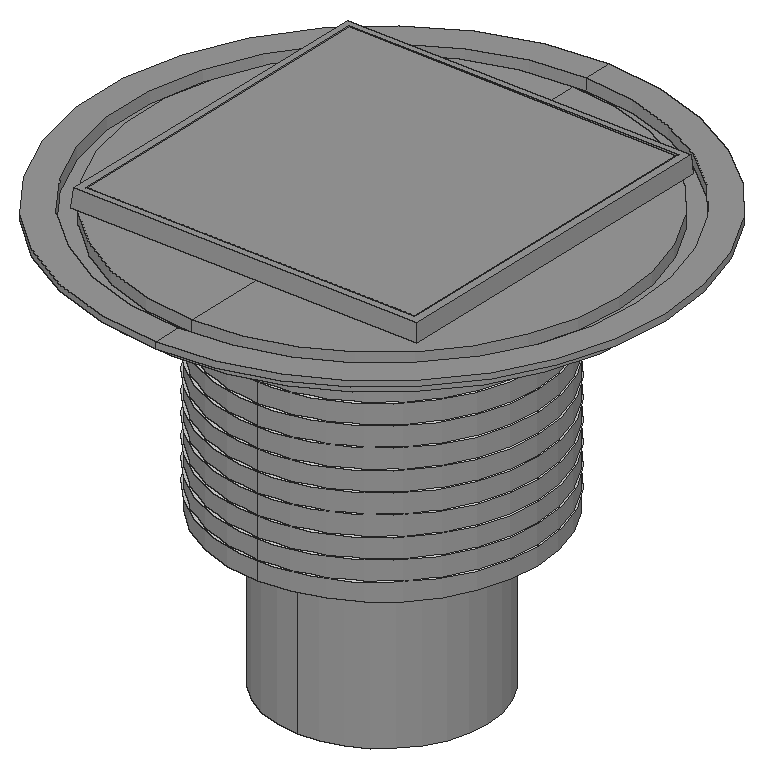
Revit family "_02HL_RU_Floor drain_HL310Prblue-3000", category Instalační zařizovací předměty, Revit 2021
Family settings
  Kóta kulaté spojky = Použít průměr
  Typ dílu = Normální
  Číslo OmniClass = 23.70.50.21.24.14
  Nadpis OmniClass = Deck Waste Water Drains
  Založené na pracovní rovině = Ne
  Vždy vertikální = Ano
  Ořezat dutým tvarem při načtení = Ne
  Sdílené = Ano
  Bod výpočtu místnosti = Ano
Parameters (values of type "HL310Prblue-3000")
  РЕШЁТКА = "115 x 115 mm / V2A"
  РАЗМЕР = "DN50/75/110"
  ПРОПУСКНАЯ СПОСОБНОСТЬ [instance] = 0.0 L/s
  ПРОИЗВОДИТЕЛЬНОСТЬ = "0,5 l/s"
  ПРАВОВАЯ ИНФОРМАЦИЯ = "Авторские права(©), права на дизайн или какие либо другие права интелектуальной собственности являются исключительной собственностью компании HL Hutterer & Lechner. Изменению не подлежит. Файл семейства с данными о прозводителе изделия защищен паролем с водяным знаком."  # constant formula
  Нормы = "EN 1253-8"
  НОМИНАЛЬНЫЙ ДИАМЕТР = 75 mm
  НАСАДКА = "10-80 mm / 121 x 121 mm / PP"
  МАТЕРИАЛ = "PP, ABS, V2A"
  МАКСИМАЛЬНАЯ НАГРУЗКА КЛАССА = "K3 - 300 kg"
  ВЫСОТА МОНТАЖА = "161 mm"
  ВЕС = "0,74 [kg]"
  Výrobce = "HL Hutterer & Lechner GmbH"  # constant formula
  EAN = "9003076052004"
  Výchozí výška = 0 mm
  URL = "https://www.hutterer-lechner.com/ru/products/catalog/Floor-drains/vertical/flange/HL310Prblue-3000.aspx"
  Tile Material [instance] = none
  Přípoj ventilace = no
  Přípoj odpadních dílů = yes
  Přípoj HW = no
  Přípoj CW = no
  Popis = "Трап для внутренних помещений"
  Model = "HL310Prblue-3000"
  Assembly Code = " "
  Komentáře k typům = "Трап для внутренних помещений DN50/75/110 вертикальный с запахозапирающим устройством Primus blue, 121х121мм KLICK-KLACK/115х115мм."
  Keynote = "HL310Prblue-3000"
  IH [instance] = Высота монтажа 1 + Высота монтажа 2  # 10 mm
  Высота монтажа 2 [instance] = 0 mm
  Высота монтажа 1 [instance] = 10 mm
  G [instance] = 180.00°  # constant formula
  D [instance] = if(НОМИНАЛЬНЫЙ ДИАМЕТР = 110 mm, IH - 5 mm, IH + 51 mm)  # 61 mm
  C [instance] = if(IH - 68 mm < 0 mm, 0 mm, IH - 68 mm)  # 0 mm
  B [instance] = 100 mm
  A [instance] = if(B - 100 mm > 15 mm, B - 100 mm, 15 mm)  # 15 mm
Reference planes
  plane 1 "Center (Front/Back)": y = 0
  plane 2: z = 0
  plane 3 "Center (Left/Right)": x = 0
  plane 4: z = -100
  plane 5: z = -10
  plane 6: z = -10
Lines and regions (mm)
  model lines, style "InvisibleLines"
    curve 1: line (0, 0, 0) -> (0, 0, 20)
  model lines, style "PlumbingFixtures", detail levels coarse+medium
    curve 2: line (0, 0, -100) -> (0, 0, -85)
    curve 3: line (0, 0, -85) -> (-85, 0, 0)
    curve 4: line (0, 0, -85) -> (85, 0, 0)
    curve 6: line (0, 0, -100) -> (0, 0, -161)
  reference lines, not visible
    curve 5: line (0, 0, -100) -> (0, 0, -161)
  symbolic lines, style "PlumbingFixtures", detail levels coarse+medium
    curve 7: line (-75, 75, 0) -> (75, 75, 0)
    curve 8: line (-75, -75, 0) -> (-75, 75, 0)
    curve 9: line (75, -75, 0) -> (-75, -75, 0)
    curve 10: line (75, 75, 0) -> (75, -75, 0)
    curve 11: line (-75, 75, 0) -> (-145.711, 145.711, 0)
    curve 12: line (75, 75, 0) -> (145.711, 145.711, 0)
    curve 13: line (-75, -75, 0) -> (-145.711, -145.711, 0)
    curve 14: line (75, -75, 0) -> (145.711, -145.711, 0)
  symbolic lines, style "PlumbingFixtures", not visible, detail levels coarse+medium
    curve 15: line (-75, 75, 0) -> (75, 75, 0)
    curve 16: line (-75, -75, 0) -> (-75, 75, 0)
    curve 17: line (75, -75, 0) -> (-75, -75, 0)
    curve 18: line (75, 75, 0) -> (75, -75, 0)
    curve 19: line (-75, 75, 0) -> (-145.711, 145.711, 0)
    curve 20: line (75, 75, 0) -> (145.711, 145.711, 0)
    curve 21: line (-75, -75, 0) -> (-145.711, -145.711, 0)
    curve 22: line (75, -75, 0) -> (145.711, -145.711, 0)
Text (mm)
  text "FLOOR" at (-162.344, 0, -10.979), in view "вид строительства"
Dimensions and locks
  "B": plane 2 to plane 4
  "IH": plane 2 to plane 5
  "A": curve 4 to plane 4
  "D": curve 5 to curve 5
  "D": curve 6 to curve 6
  "Высота монтажа 1": plane 2 to plane 6
  plane 2 to nested 4 = 8 mm
  locked: curve 4 to plane 3 "Center (Left/Right)" (angle 45.00°)
  locked: plane 3 "Center (Left/Right)" to curve 3 (angle 45.00°)
  "G": angle curve 5 to plane 3 "Center (Left/Right)"
  aligned and locked: level to plane 2
  aligned and locked: plane 2 to curve 4
  aligned and locked: plane 2 to curve 3
  aligned and locked: plane 4 to curve 5
  aligned and locked: plane 3 "Center (Left/Right)" to curve 5
  aligned and locked: plane 4 to curve 2
  aligned and locked: plane 3 "Center (Left/Right)" to curve 6
  aligned and locked: plane 4 to curve 6
  aligned and locked: plane 3 "Center (Left/Right)" to nested 1
  aligned and locked: plane 1 "Center (Front/Back)" to nested 1
  aligned and locked: plane 3 "Center (Left/Right)" to nested 2
  aligned and locked: plane 1 "Center (Front/Back)" to nested 2
  aligned and locked: plane 1 "Center (Front/Back)" to nested 3
  aligned and locked: plane 3 "Center (Left/Right)" to nested 3
  aligned and locked: plane 1 "Center (Front/Back)" to nested 4
  aligned and locked: plane 3 "Center (Left/Right)" to nested 4
  aligned and locked: plane 5 to nested 1
Automatic sketch dimensions
  curve 2 to plane 3 "Center (Left/Right)" = 0 mm
  curve 1 to plane 3 "Center (Left/Right)" = 0 mm
  curve 1 to level = 0 mm
  level to curve 1 = 20 mm
Nested families
  nested 1: "HL-Корпус для трапа внутренних помещений-HL310K" at (0, 0, -10), type "HL310K_Main Component"
  nested 2: "HL-Насадка-HL3200" at (0, 0, 0), type "HL3200_Main Component"
    with Высота монтажа 80 mm, RN 13, RL 84.5 mm, R yes, NL_Test yes, NL 100 mm
  nested 3: "HL_Решётка_HL037Pr.1E" at (0, 0, 0), type "HL037Pr.1E_Main Component"
  nested 4: "HL-Вкладыш сифона-HL0510.12EKK" at (0, 0, -8), type "HL0510.12EKK"
Connectors
  piping at (0, 0, -161), diameter 75, driven by "ПРОПУСКНАЯ СПОСОБНОСТЬ", driven by "НОМИНАЛЬНЫЙ ДИАМЕТР"
    settings: on curve 5, index 1, connector inside diameter 609.6 mm, connector length 0 mm, flow factor 0, pipe flow 0.0 L/s, pressure drop 0.0 Pa, fitting loss kfactor 0, connector angle 0.00°, fixture units 0, engagement length 0 mm, angle of deflection 0.00°, flow configuration 1, flow direction 2, fitting loss method 0, system type 16, joint type 0, gender type 0, connector reference index -1, connector utility 0, adjustable connector yes, is connector primary yes, connector description ""
Definition of nested family "HL-Корпус для трапа внутренних помещений-HL310K"
  Parameters (values of type "HL310K")
    РАЗМЕР = "DN50/75/110"
    ПРАВОВАЯ ИНФОРМАЦИЯ = "Авторские права(©), права на дизайн или какие либо другие права интелектуальной собственности являются исключительной собственностью компании HL Hutterer & Lechner. Изменению не подлежит. Файл семейства с данными о прозводителе изделия защищен паролем с водяным знаком."  # constant formula
    МАТЕРИАЛ = "PP"
    ВЫСОТА МОНТАЖА = "148 mm"
    ВЕС = "0,173 [kg]"
    Waste Connection = yes
    Default Elevation = 0 mm
    Vent Connection = no
    Manufacturer = "HL Hutterer & Lechner GmbH"  # constant formula
    URL = "https://www.hutterer-lechner.com/ru/products/catalog/Floor-drains/vertical/flange/HL310K.aspx"
    Assembly Code = ""
    HW Connection = no
    Description = "Трап для внутренних помещений"
    Model = "HL310K"
    Type Comments = "Корпус трапа для внутренних помещений DN50/75/110 вертикальный"
    Keynote = "HL310K"
    EAN = "9003076001781"
    CW Connection = no
  Reference planes
    plane 1 "Center (Front/Back)": y = 0
    plane 2: z = 0
    plane 3 "Center (Left/Right)": x = 0
    plane 4 "Ball Joint Vertical": x = 25.45
  Forms (mm)
    Revolve 1, solid, detail levels fine
      sketch origin (0, 0, 0) x (0, 1, 0) y (0, 0, 1)
        loop
          line (55.057, 0) -> (55.057, -20) -> (52.707, -20) -> (52.707, -92.996) -> (22.706, -92.996) -> (22.706, -95.159) -> (22.706, -151) -> (24.707, -151) -> (24.707, -95.159) -> (35.206, -95.159) -> (35.206, -151) -> (37.207, -151) -> (37.207, -95) -> (54.705, -95) -> (54.705, -24) -> (58.059, -24) -> (58.059, -7.5) -> (92.707, -7.5) -> (92.707, -2) -> (99.706, -2) -> (99.706, 0) -> (89.707, 0) -> (89.707, -4) -> (83.707, -4) -> (83.707, 0) -> (55.057, 0)
        axis (0, 0) -> (0, -151)
      angle from 0 to 360
  Text (mm)
    text "ROOF/FLOOR" at (-198.233, 0, -26.556), in view "вид строительства"
  Dimensions and locks
    locked: plane 4 "Ball Joint Vertical" to plane 3 "Center (Left/Right)" at 25.45
    aligned and locked: level to plane 2
Definition of nested family "HL-Насадка-HL3200"
  Parameters (values of type "HL3200")
    РАЗМЕР = "d 110 mm"
    ПРАВОВАЯ ИНФОРМАЦИЯ = "Авторские права(©), права на дизайн или какие либо другие права интелектуальной собственности являются исключительной собственностью компании HL Hutterer & Lechner. Изменению не подлежит. Файл семейства с данными о прозводителе изделия защищен паролем с водяным знаком."  # constant formula
    НАСАДКА = "121 x 121 mm"
    МАТЕРИАЛ = "PP-V2A"
    Высота монтажа [instance] = 80 mm
    ВЫСОТА МОНТАЖА = "10 - 80 mm"
    ВЕС = "0,13 [kg]"
    Waste Connection = yes
    Default Elevation = 0 mm
    Vent Connection = no
    RD = 6.5 mm  # constant formula
    R [instance] = ((Высота монтажа - NL_Min) / RD - 1) > 2  # yes
    RL [instance] = if(Высота монтажа < 26 mm, 1 mm, RD * RN)  # 84.5 mm
    NL_Test [instance] = and(or(Высота монтажа < NL_Max, Высота монтажа = NL_Max), or(Высота монтажа > NL_Min, Высота монтажа = NL_Min))  # yes
    NL_Min = 10 mm
    NL_Max = 80 mm
    NL [instance] = if(NL_Test, Высота монтажа + 20 mm, 0 mm)  # 100 mm
    RN [instance] = if((Высота монтажа + 20 mm - NL_Min) / RD - 1 < 2, 2, (Высота монтажа + 20 mm - NL_Min) / RD - 1)  # 13
    Manufacturer = "HL Hutterer & Lechner GmbH"  # constant formula
    URL = "http://www.hutterer-lechner.com/ru/Products/catalog/floor-drains/attachments/HL3200.aspx"
    HW Connection = no
    Description = "Трапы для внутренних помещений - Комплектующие"
    Model = "HL3200"
    Type Comments = "HL3200 Насадные подрамники d 110/подрамники из нержавеющей стали (V2A) 121х121мм с О-кольцом. Система \"KLICK-KLACK\""
    Keynote = "HL3200"
    EAN = "9003076015399"
    CW Connection = no
  Reference planes
    plane 1 "Center (Front/Back)": y = 0
    plane 2: z = 0
    plane 3 "Center (Left/Right)": x = 0
    plane 4 "Ball Joint Vertical": x = 25.45
    plane 5: z = -100
  Forms (mm)
    Sweep 1, solid, detail levels fine
      path origin (0, 0, 0) x (1, 0, 0) y (0, 1, 0)
        loop
          line (-60.806, 60.806) -> (-60.806, -60.806) -> (60.806, -60.806) -> (60.806, 60.806) -> (-60.806, 60.806)
      profile origin (0, 60.806, 0) x (0, 1, 0) y (0, 0, 1)
        loop
          line (-2.806, 0) -> (-2.806, -5.3) -> (-6.306, -5.3) -> (-6.306, -8.3) -> (-9.767, -8.3) -> (-9.767, -21.997) -> (-5.806, -21.997) -> (-5.806, -6) -> (0, -6) -> (-0.525, 0) -> (-2.806, 0)
    Extrusion 2, solid, detail levels fine
      sketch origin (0, 0, 0) x (1, 0, 0) y (0, 1, 0)
        loop
          circle (0, 0) r 50
        loop
          line (-51.039, 51.039) -> (-51.039, -51.039) -> (51.039, -51.039) -> (51.039, 51.039) -> (-51.039, 51.039)
      from -19 to -21.997
    Revolve 3, solid, detail levels fine
      sketch origin (0, 0, 0) x (1, 0, 0) y (0, 0, 1)
        loop
          line (50, -21.997) -> (50, -100) -> (51.861, -100) -> (51.861, -21.997) -> (50, -21.997)
        axis (0, -21.997) -> (0, -100)
      angle from 0 to 360
  Lines and regions (mm)
    symbolic lines
      curve 1: line (0, 0, -100) -> (0, 0, 0)
    model lines
      curve 2: line (0, 0, 0) -> (0, 0, 100)
  Text (mm)
    text "ROOF/FLOOR" at (-198.233, 0, -26.556), in view "Drain Construction View"
  Dimensions and locks
    locked: plane 4 "Ball Joint Vertical" to plane 3 "Center (Left/Right)" at 25.45
    "NL": plane 2 to plane 5
    equal spacing: group 1, group 3, group 4, group 5, group 6, group 7, group 8, group 9, group 10, group 11, group 12, group 13, group 2  (x3)
    "RL": nested 2 to nested 1
    locked: nested 1 to plane 5 at 1.516
    aligned and locked: level to plane 2
    aligned and locked: plane 3 "Center (Left/Right)" to nested 1
    aligned and locked: plane 1 "Center (Front/Back)" to nested 1
    aligned and locked: plane 2 to curve 1
    aligned and locked: plane 5 to curve 1
    aligned and locked: Sweep 1 to Revolve 3 sketch curve
    aligned and locked: plane 5 to Revolve 3 sketch curve
  Automatic sketch dimensions
    Sweep 1 sketch curve to plane 3 "Center (Left/Right)" = 60.806 mm
    plane 4 "Ball Joint Vertical" to Sweep 1 sketch curve = 35.356 mm
    plane 1 "Center (Front/Back)" to Sweep 1 sketch curve = 60.806 mm
    Sweep 1 sketch curve to plane 1 "Center (Front/Back)" = 60.806 mm
    Sweep 1 sketch curve to profile plane = 0 mm  (x2)
    profile plane to Sweep 1 sketch curve = 0.525 mm
    Sweep 1 sketch curve to Sweep 1 sketch curve = 2.281 mm
    Sweep 1 sketch curve to Sweep 1 sketch curve = 3 mm  (x2)
    Sweep 1 sketch curve to Sweep 1 sketch curve = 0.5 mm
    Sweep 1 sketch curve to Sweep 1 sketch curve = 3.461 mm
    Sweep 1 sketch curve to profile plane = 5.3 mm
    Sweep 1 sketch curve to Sweep 1 sketch curve = 0.7 mm
    Sweep 1 sketch curve to Sweep 1 sketch curve = 13.697 mm
    plane 1 "Center (Front/Back)" to Extrusion 2 sketch curve = 0 mm
    Extrusion 2 sketch curve to plane 3 "Center (Left/Right)" = 0 mm
    Extrusion 2 sketch curve to plane 3 "Center (Left/Right)" = 51.039 mm
    plane 4 "Ball Joint Vertical" to Extrusion 2 sketch curve = 25.589 mm
    plane 1 "Center (Front/Back)" to Extrusion 2 sketch curve = 51.039 mm
    Extrusion 2 sketch curve to plane 1 "Center (Front/Back)" = 51.039 mm
    Revolve 3 sketch curve to plane 3 "Center (Left/Right)" = 0 mm
    plane 4 "Ball Joint Vertical" to Revolve 3 sketch curve = 24.55 mm
    Revolve 3 sketch curve to Revolve 3 sketch curve = 1.861 mm
    Revolve 3 sketch curve to level = 13.456 mm
    level to Revolve 3 sketch curve = 16.544 mm
    curve 2 to plane 3 "Center (Left/Right)" = 0 mm
    level to curve 2 = 100 mm
    radius of Extrusion 2 sketch curve = 50 mm
  Nested families
    nested 1: "Ring" at (0, 0, -98.484), visible <- "R", type "Ring"
    nested 2: "Ring" at (0, 0, -13.984), visible <- "R", type "Ring"
    nested 3: "Ring" at (0, 0, -91.442), visible <- "R", type "Ring"
    nested 4: "Ring" at (0, 0, -84.401), visible <- "R", type "Ring"
    nested 5: "Ring" at (0, 0, -77.359), visible <- "R", type "Ring"
    nested 6: "Ring" at (0, 0, -70.317), visible <- "R", type "Ring"
    nested 7: "Ring" at (0, 0, -63.276), visible <- "R", type "Ring"
    nested 8: "Ring" at (0, 0, -56.234), visible <- "R", type "Ring"
    nested 9: "Ring" at (0, 0, -49.192), visible <- "R", type "Ring"
    nested 10: "Ring" at (0, 0, -42.151), visible <- "R", type "Ring"
    nested 11: "Ring" at (0, 0, -35.109), visible <- "R", type "Ring"
    nested 12: "Ring" at (0, 0, -28.067), visible <- "R", type "Ring"
    nested 13: "Ring" at (0, 0, -21.026), visible <- "R", type "Ring"
  Definition of nested family "Ring"
    Parameters (values of type "Ring")
      Manufacturer = ""
      Default Elevation = 0 mm
      URL = ""
      R = D / 2  # 51.5 mm
      Description = ""
      Model = ""
      Material = none
      Type Comments = ""
      D = 103 mm
      Cost = 0
    Reference planes
      plane 1 "Střed (vpředu/vzadu)": y = 0
      plane 2: z = 0
      plane 3 "Střed (vlevo/vpravo)": x = 0
    Forms (mm)
      Revolve 1, solid, material <- "Material", detail levels fine
        sketch origin (0, 0, 0) x (1, 0, 0) y (0, 0, 1)
          loop
            line (-51.5, 1.482) -> (-54.764, 0) -> (-51.5, -1.516) -> (-51.5, 1.482)
          axis (0, 1.482) -> (0, -1.516)
        angle from 0 to 360
    Dimensions and locks
      "R": Revolve 1 sketch curve to plane 3 "Střed (vlevo/vpravo)"
      aligned and locked: level to plane 2
      aligned and locked: Revolve 1 sketch curve to plane 3 "Střed (vlevo/vpravo)"
    Automatic sketch dimensions
      Revolve 1 sketch curve to level = 0 mm
      Revolve 1 sketch curve to Revolve 1 sketch curve = 3.264 mm
      Revolve 1 sketch curve to level = 1.516 mm
      level to Revolve 1 sketch curve = 1.482 mm
      Revolve 1 sketch curve to level = 381 mm
      Revolve 1 sketch curve to Revolve 1 sketch curve = 2212.833 mm
Definition of nested family "HL_Решётка_HL037Pr.1E"
  Parameters (values of type "HL037Pr.1E")
    РАЗМЕР = "115x115mm"
    ПРАВОВАЯ ИНФОРМАЦИЯ = "Авторские права(©), права на дизайн или какие либо другие права интелектуальной собственности являются исключительной собственностью компании HL Hutterer & Lechner. Изменению не подлежит. Файл семейства с данными о прозводителе изделия защищен паролем с водяным знаком."  # constant formula
    МАТЕРИАЛ = "V2A"
    МАКСИМАЛЬНАЯ НАГРУЗКА КЛАССА = "K3 - 300 kg"
    ВЕС = "0,15 [kg]"
    Waste Connection = yes
    Default Elevation = 0 mm
    Vent Connection = no
    Manufacturer = "HL Hutterer & Lechner GmbH"  # constant formula
    URL = "http://www.hutterer-lechner.com/ru/products/catalog/floor-drains/attachments/HL037pr.1e.aspx"
    HW Connection = no
    Description = "Трапы для внутренних помещений - Комплектующие"
    Model = "HL037Pr.1E"
    Type Comments = "HL037Pr.1E Решётка из нержавеющей стали 115х115 мм"
    Keynote = "HL037Pr.1E"
    EAN = "9003076028474"
    CW Connection = no
  Reference planes
    plane 1 "Center (Front/Back)": y = 0
    plane 2: z = 0
    plane 3 "Center (Left/Right)": x = 0
    plane 4 "Ball Joint Vertical": x = 25.45
  Forms (mm)
    Extrusion 1, solid, detail levels fine
      sketch origin (0, 0, 0) x (1, 0, 0) y (0, 1, 0)
        loop
          line (57.5, 57.5) -> (-57.5, 57.5) -> (-57.5, -57.5) -> (57.5, -57.5) -> (57.5, 57.5)
      from 0 to -5
  Lines and regions (mm)
    model lines, detail levels fine
      curve 1: spline (-13.927, 0, 0) -> (-13.452, 1.165, 0) -> (-12.061, 2.25, 0) -> (-9.848, 3.182, 0) -> (-6.964, 3.897, 0) -> (-3.605, 4.347, 0) -> (0, 4.5, 0) -> (3.605, 4.347, 0) -> (6.964, 3.897, 0) -> (9.848, 3.182, 0) -> (12.061, 2.25, 0) -> (13.452, 1.165, 0) -> (13.927, 0, 0) -> (13.452, -1.165, 0) -> (12.061, -2.25, 0) -> (9.848, -3.182, 0) -> (6.964, -3.897, 0) -> (3.605, -4.347, 0) -> (0, -4.5, 0) -> (-3.605, -4.347, 0) -> (-6.964, -3.897, 0) -> (-9.848, -3.182, 0) -> (-12.061, -2.25, 0) -> (-13.452, -1.165, 0) -> (-13.927, 0, 0)
      curve 2: line (-5.9, 0.4, 0) -> (-11.9, 0.4, 0)
      curve 3: line (-3.65, -2, 0) -> (-3.65, 2, 0)
      curve 4: arc (-3.65, 2, 0) -> (-3.15, 2.5, 0) -> (-2.65, 2, 0) r 0.5
      curve 5: line (-2.65, 2, 0) -> (-2.65, 0.5, 0)
      curve 6: line (-2.65, 0.5, 0) -> (-0.65, 0.5, 0)
      curve 7: line (-0.65, 0.5, 0) -> (-0.65, 2, 0)
      curve 8: arc (-0.65, 2, 0) -> (-0.15, 2.5, 0) -> (0.35, 2, 0) r 0.5
      curve 9: line (0.35, 2, 0) -> (0.35, -2, 0)
      curve 10: arc (0.35, -2, 0) -> (-0.15, -2.5, 0) -> (-0.65, -2, 0) r 0.5
      curve 11: line (-0.65, -2, 0) -> (-0.65, -0.5, 0)
      curve 12: line (-0.65, -0.5, 0) -> (-2.65, -0.5, 0)
      curve 13: line (-2.65, -0.5, 0) -> (-2.65, -2, 0)
      curve 14: arc (-2.65, -2, 0) -> (-3.15, -2.5, 0) -> (-3.65, -2, 0) r 0.5
      curve 15: line (1.85, -2, 0) -> (1.85, 2, 0)
      curve 16: arc (1.85, 2, 0) -> (1.996, 2.354, 0) -> (2.35, 2.5, 0) r 0.5
      curve 17: arc (2.35, 2.5, 0) -> (2.704, 2.354, 0) -> (2.85, 2, 0) r 0.5
      curve 18: line (2.85, 2, 0) -> (2.85, -1, 0)
      curve 19: arc (2.85, -1, 0) -> (2.996, -1.354, 0) -> (3.35, -1.5, 0) r 0.5
      curve 20: line (3.35, -1.5, 0) -> (4.35, -1.5, 0)
      curve 21: arc (4.35, -1.5, 0) -> (4.85, -2, 0) -> (4.35, -2.5, 0) r 0.5
      curve 22: line (4.35, -2.5, 0) -> (2.35, -2.5, 0)
      curve 23: arc (2.35, -2.5, 0) -> (1.996, -2.354, 0) -> (1.85, -2, 0) r 0.5
      curve 24: line (12.1, 0.4, 0) -> (6.1, 0.4, 0)
      curve 25: line (-5.9, -0.4, 0) -> (-11.9, -0.4, 0)
      curve 26: line (12.1, -0.4, 0) -> (6.1, -0.4, 0)
      curve 27: line (-5.9, 0.4, 0) -> (-5.9, -0.4, 0)
      curve 28: line (-11.9, 0.4, 0) -> (-11.9, -0.4, 0)
      curve 29: line (6.1, 0.4, 0) -> (6.1, -0.4, 0)
      curve 30: line (12.1, 0.4, 0) -> (12.1, -0.4, 0)
      curve 31: arc (38.029, -24.059, 0) -> (45, 0, 0) -> (38.029, 24.059, 0) r 45
      curve 32: arc (38.029, 24.059, 0) -> (35.09, 25.896, 0) -> (31.82, 24.749, 0) r 4
      curve 33: arc (31.82, 24.749, 0) -> (30.673, 22.362, 0) -> (31.268, 19.782, 0) r 4
      curve 34: arc (31.268, 19.782, 0) -> (37, 0, 0) -> (31.268, -19.782, 0) r 37
      curve 35: arc (31.268, -19.782, 0) -> (30.673, -22.362, 0) -> (31.82, -24.749, 0) r 4
      curve 36: arc (31.82, -24.749, 0) -> (35.09, -25.896, 0) -> (38.029, -24.059, 0) r 4
      curve 37: arc (24.059, 38.029, 0) -> (0, 45, 0) -> (-24.059, 38.029, 0) r 45
      curve 38: arc (-24.059, 38.029, 0) -> (-25.896, 35.09, 0) -> (-24.749, 31.82, 0) r 4
      curve 39: arc (-24.749, 31.82, 0) -> (-22.362, 30.673, 0) -> (-19.782, 31.268, 0) r 4
      curve 40: arc (-19.782, 31.268, 0) -> (0, 37, 0) -> (19.782, 31.268, 0) r 37
      curve 41: arc (19.782, 31.268, 0) -> (22.362, 30.673, 0) -> (24.749, 31.82, 0) r 4
      curve 42: arc (24.749, 31.82, 0) -> (25.896, 35.09, 0) -> (24.059, 38.029, 0) r 4
      curve 43: arc (24.059, -38.029, 0) -> (0, -45, 0) -> (-24.059, -38.029, 0) r 45
      curve 44: arc (-24.059, -38.029, 0) -> (-25.896, -35.09, 0) -> (-24.749, -31.82, 0) r 4
      curve 45: arc (-24.749, -31.82, 0) -> (-22.362, -30.673, 0) -> (-19.782, -31.268, 0) r 4
      curve 46: arc (-19.782, -31.268, 0) -> (0, -37, 0) -> (19.782, -31.268, 0) r 37
      curve 47: arc (19.782, -31.268, 0) -> (22.362, -30.673, 0) -> (24.749, -31.82, 0) r 4
      curve 48: arc (24.749, -31.82, 0) -> (25.896, -35.09, 0) -> (24.059, -38.029, 0) r 4
      curve 49: arc (-38.029, -24.059, 0) -> (-45, 0, 0) -> (-38.029, 24.059, 0) r 45
      curve 50: arc (-38.029, 24.059, 0) -> (-35.09, 25.896, 0) -> (-31.82, 24.749, 0) r 4
      curve 51: arc (-31.82, 24.749, 0) -> (-30.673, 22.362, 0) -> (-31.268, 19.782, 0) r 4
      curve 52: arc (-31.268, 19.782, 0) -> (-37, 0, 0) -> (-31.268, -19.782, 0) r 37
      curve 53: arc (-31.268, -19.782, 0) -> (-30.673, -22.362, 0) -> (-31.82, -24.749, 0) r 4
      curve 54: arc (-31.82, -24.749, 0) -> (-35.09, -25.896, 0) -> (-38.029, -24.059, 0) r 4
    model lines
      curve 55: line (0, 0, 0) -> (0, 0, 100)
  Text (mm)
    text "ROOF/FLOOR" at (-198.233, 0, -26.556), in view "Drain Construction View"
  Dimensions and locks
    locked: plane 4 "Ball Joint Vertical" to plane 3 "Center (Left/Right)" at 25.45
    aligned and locked: level to plane 2
Definition of nested family "HL-Вкладыш сифона-HL0510.12EKK"
  Parameters (values of type "HL0510.12EKK")
    ПРАВОВАЯ ИНФОРМАЦИЯ = "Авторские права(©), права на дизайн или какие либо другие права интелектуальной собственности являются исключительной собственностью компании HL Hutterer & Lechner. Изменению не подлежит. Файл семейства с данными о прозводителе изделия защищен паролем с водяным знаком."  # constant formula
    МАТЕРИАЛ = "ABS"
    ВЕС = "0,145 [kg]"
    Waste Connection = yes
    Default Elevation = 0 mm
    Vent Connection = no
    Manufacturer = "HL Hutterer & Lechner GmbH"  # constant formula
    URL = "https://www.hutterer-lechner.com/ru/products/catalog/Floor-drains/attachments/HL0510.12EKK.aspx"
    Assembly Code = "Main Component"
    HW Connection = no
    Description = "Трап для внутренних помещений"
    Model = "HL0510.12EKK"
    Type Comments = "Вкладыш запахозапирающий Primus blue для системы \"Klick-Klack\""
    Keynote = "HL0510.12EKK"
    EAN = "9003076051953"
    CW Connection = no
  Reference planes
    plane 1 "Center (Front/Back)": y = 0
    plane 2: z = 0
    plane 3 "Center (Left/Right)": x = 0
    plane 4 "Ball Joint Vertical": x = 25.45
  Forms (mm)
    Revolve 1, solid, detail levels fine
      sketch origin (0, 0, 0) x (1, 0, 0) y (0, 0, 1)
        loop
          circle (49.211, -8.597) r 2.5
        axis (0, -8.597) -> (0, -9.597)
      angle from 0 to 360
    Revolve 2, solid, detail levels fine
      sketch origin (0, 0, 0) x (1, 0, 0) y (0, 0, 1)
        loop
          line (53, 0) -> (44.15, 0) -> (44.15, -18.21) -> (32.15, -18.21) -> (32.15, -3.231) -> (33, -3.231) -> (33, 0) -> (0, 0) -> (0, -80) -> (41.65, -80) -> (41.65, -20.239) -> (46.65, -20.239) -> (46.65, -13.21) -> (49.702, -13.21) -> (49.702, -11.138) -> (46.65, -11.138) -> (46.65, -6.024) -> (49.7, -6.024) -> (49.7, -2) -> (53, -2) -> (53, 0)
        axis (0, 0) -> (0, -80)
      angle from 0 to 360
  Text (mm)
    text "ROOF/FLOOR" at (-198.233, 0, -26.556), in view "вид строительства"
  Dimensions and locks
    locked: plane 4 "Ball Joint Vertical" to plane 3 "Center (Left/Right)" at 25.45
    Revolve 2 sketch curve to plane 3 "Center (Left/Right)" = 33 mm
    Revolve 2 sketch curve to plane 3 "Center (Left/Right)" = 32.15 mm
    plane 3 "Center (Left/Right)" to Revolve 2 sketch curve = 44.15 mm
    Revolve 2 sketch curve to plane 3 "Center (Left/Right)" = 41.65 mm
    Revolve 2 sketch curve to plane 3 "Center (Left/Right)" = 49.702 mm
    plane 3 "Center (Left/Right)" to Revolve 2 sketch curve = 46.65 mm
    Revolve 2 sketch curve to plane 3 "Center (Left/Right)" = 49.7 mm
    Revolve 2 sketch curve to plane 3 "Center (Left/Right)" = 53 mm
    Revolve 1 sketch curve to plane 3 "Center (Left/Right)" = 49.211 mm
    Revolve 1 sketch curve to level = 8.597 mm
    aligned and locked: level to plane 2
    aligned and locked: plane 3 "Center (Left/Right)" to Revolve 1 sketch curve
    aligned and locked: plane 3 "Center (Left/Right)" to Revolve 2 sketch curve
